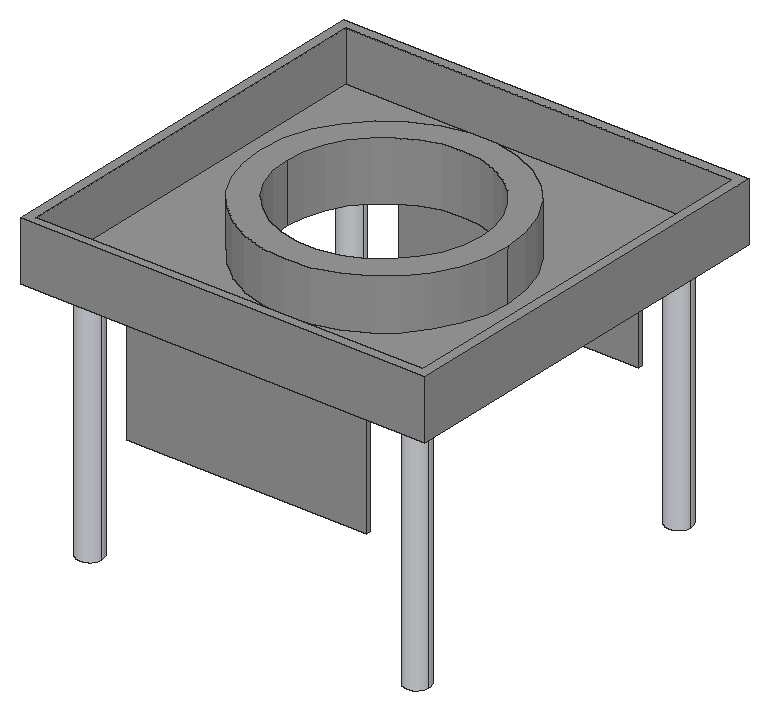
Revit family "Nivellierbare Kassette für Tubus, RKFN, 25", category Generic Models, Revit 2015
Parameters (values of type "RKFN2 4 VS 25")
  Width = 199 mm
  URL = "http://www.obo-bettermann.com"
  Material = Stainless Steel, Polished
  Manufacturer Art.No. = "7409364"
  Manufacturer = "OBO Bettermann"
  Length = 199 mm
  HeightCalc = if(Height < 110 mm, 110 mm, (if(Height > 155 mm, 155 mm, Height)))  # 150 mm
  Height 1 = 29 mm
  Height = 150 mm
  GTIN = "4012195869030"
  Cut depth = 25 mm
  Article Type = "RKFN2 4 VS 25"
Reference planes
  plane 1 "Center (Front/Back)": y = 0
  plane 2: z = 0
  plane 3 "Center (Left/Right)": x = 0
  plane 4: z = 121
  plane 5: y = 99.5
  plane 6: y = -99.5
  plane 7: z = 150
  plane 8: z = 60
  plane 9: z = 125
Forms (mm)
  Extrusion 1, solid
    sketch origin (0, 0, 0) x (1, 0, 0) y (0, 1, 0)
      loop
        circle (-80.5, -80.5) r 6
      loop
        circle (-80.5, 80.5) r 6
      loop
        circle (80.5, 80.5) r 6
      loop
        circle (80.5, -80.5) r 6
    from 0 to 121
  Extrusion 2, solid, material "Stainless Steel, Polished" <- "Material"
    sketch origin (0, 0, 0) x (1, 0, 0) y (0, 0, 1)
      loop
        line (-99.5, 150) -> (-99.5, 121) -> (99.5, 121) -> (99.5, 150) -> (-99.5, 150)
    from -99.5 to 99.5
  Extrusion 3, solid, material "Stainless Steel, Polished" <- "Material"
    sketch origin (0, 0, 0) x (1, 0, 0) y (0, 1, 0)
      loop
        line (-59, 84.5) -> (-59, 82.5) -> (59, 82.5) -> (59, 84.5) -> (-59, 84.5)
      loop
        line (-59, -82.5) -> (-59, -84.5) -> (59, -84.5) -> (59, -82.5) -> (-59, -82.5)
    from 60 to 121
  Extrusion 4, void
    sketch origin (0, 0, 0) x (1, 0, 0) y (0, 1, 0)
      loop
        line (-95.3, 95.3) -> (-95.3, -95.3) -> (95.3, -95.3) -> (95.3, 95.3) -> (-95.3, 95.3)
      loop
        circle (0, 0) r 61
    from 125 to 150
  Extrusion 5, void
    sketch origin (0, 0, 0) x (1, 0, 0) y (0, 1, 0)
      loop
        circle (0, 0) r 47.77
    from 121 to 150
Cuts and joins
  Extrusion 4 cuts Extrusion 1
  Extrusion 4, Extrusion 5 cuts Extrusion 2
  Extrusion 4 cuts Extrusion 3
Dimensions and locks
  locked: Extrusion 1 sketch curve to plane 1 "Center (Front/Back)" at 74.5  (x2)
  locked: Extrusion 1 sketch curve to plane 3 "Center (Left/Right)" at 80.5  (x2)
  locked: plane 1 "Center (Front/Back)" to Extrusion 1 sketch curve at 74.5  (x2)
  locked: plane 3 "Center (Left/Right)" to Extrusion 1 sketch curve at 80.5  (x2)
  "Width": Extrusion 2 sketch curve to Extrusion 2 sketch curve
  locked: plane 3 "Center (Left/Right)" to Extrusion 2 sketch curve at 99.5
  locked: Extrusion 2 sketch curve to Extrusion 2 sketch curve at 29
  "HeightCalc": plane 7 to level
  "Height 1": plane 7 to plane 4
  locked: Extrusion 3 sketch curve to Extrusion 3 sketch curve at 118  (x2)
  equal spacing: Extrusion 3 sketch curve, plane 3 "Center (Left/Right)", Extrusion 3 sketch curve, locked at 59 each  (x2)
  locked: Extrusion 3 sketch curve to Extrusion 2 at 15  (x2)
  locked: Extrusion 3 sketch curve to Extrusion 3 sketch curve at 2  (x2)
  locked: plane 4 to plane 8 at 61
  locked: Extrusion 4 sketch curve to Extrusion 4 sketch curve at 190.6  (x2)
  equal spacing: Extrusion 4 sketch curve, plane 3 "Center (Left/Right)", Extrusion 4 sketch curve, locked at 95.3 each
  equal spacing: Extrusion 4 sketch curve, plane 1 "Center (Front/Back)", Extrusion 4 sketch curve, locked at 95.3 each
  "Cut depth": plane 7 to plane 9
  "Length": plane 5 to plane 6
  equal spacing: plane 5, plane 1 "Center (Front/Back)", plane 6, locked at 99.5 each
  diameter of Extrusion 1 sketch curve = 12 mm  (x3)
  aligned and locked: level to plane 2
  aligned and locked: plane 4 to Extrusion 1
  aligned and locked: plane 4 to Extrusion 2 sketch curve
  aligned and locked: plane 6 to Extrusion 2
  aligned and locked: Extrusion 2 to plane 5
  aligned and locked: plane 7 to Extrusion 2
  aligned and locked: Extrusion 1 to Extrusion 3
  aligned and locked: Extrusion 3 to plane 8
  aligned and locked: cut or joined group of Extrusion 2, Extrusion 4, Extrusion 5 to Extrusion 4
  aligned and locked: Extrusion 4 to plane 9
  aligned and locked: Extrusion 2 to Extrusion 5  (x2)
Automatic sketch dimensions
  Extrusion 1 sketch curve to plane 6 = 19 mm
  plane 1 "Center (Front/Back)" to Extrusion 4 sketch curve = 0 mm
  Extrusion 4 sketch curve to plane 3 "Center (Left/Right)" = 0 mm
  plane 1 "Center (Front/Back)" to Extrusion 5 sketch curve = 0 mm
  Extrusion 5 sketch curve to plane 3 "Center (Left/Right)" = 0 mm
  radius of Extrusion 4 sketch curve = 61 mm
  radius of Extrusion 5 sketch curve = 47.77 mm
